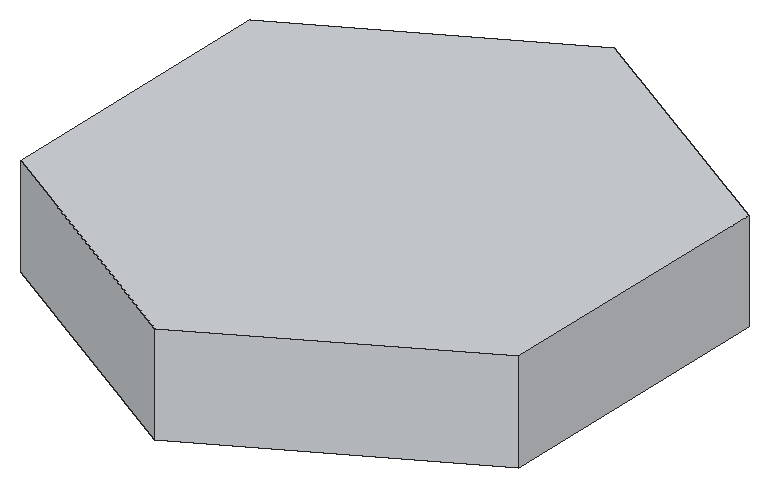
Revit family "BuzziBlox_Revit", category Generic Models, host Face, Revit 2019
Family settings
  Host = Face
  Can host rebar = No
  Round Connector Dimension = Use Diameter
  Part Type = Normal
  Cut with Voids When Loaded = No
  Shared = No
  Room Calculation Point = No
Parameters
  d = 12 cm
  Distance from supporting structure [instance] = 1 cm
  Default Elevation = 121.92 cm
  BuzziTerra = none
  BuzziRough = none
  BuzziFabric = none
  BuzziBlox Shape = BuzziBlox Hexa : BuzziBlox Hexa
Reference planes (cm)
  plane 1 "Center (Front/Back)": y = 0
  plane 2: z = 0
  plane 3 "Center (Left/Right)": x = 0
  plane 4: z = 70
  plane 5: z = 44
Dimensions and locks (cm)
  aligned and locked: plane 2 to host face
  aligned and locked: level to host face
Nested families (cm)
  nested 1: "BuzziBlox Hexa" at (0, 0, 0), type <- "BuzziBlox Shape", type "BuzziBlox Hexa"
Definition of nested family "BuzziBlox Hexa"
  Parameters
    Distance from supporting structure = 1 cm
    d = 12 cm
    Penta material = none
    Default Elevation = 121.92 cm
  Reference planes (cm)
    plane 1 "Center (Front/Back)": y = 0
    plane 2: z = 0
    plane 3 "Center (Left/Right)": x = 0
    plane 4: z = 13
    plane 5: z = 1
  Forms (cm)
    Extrusion 1, solid
      sketch origin (0, 0, 0) x (1, 0, 0) y (0, 1, 0)
        loop
          line (-121.92, 121.92) -> (-121.92, -121.92) -> (121.92, -121.92) -> (121.92, 121.92) -> (-121.92, 121.92)
      from 0 to -30.48
    Extrusion 2, solid, material <- "Penta material"
      sketch origin (0, 0, 0) x (1, 0, 0) y (0, 1, 0)
        loop
          line (30, -17.3) -> (30, 17.3) -> (0, 34.5383) -> (-30, 17.3) -> (-30, -17.3) -> (0, -34.5383) -> (30, -17.3)
      from 1 to 13
    Extrusion 3, solid
      sketch origin (0, 0, 0) x (1, 0, 0) y (0, 1, 0)
        loop
          circle (-17.0446, 14.6869) r 0.5
        loop
          circle (17.0446, 0) r 0.5
        loop
          circle (-17.0446, -14.6869) r 0.5
      from 0 to 1
  Dimensions and locks (cm)
    "d": plane 4 to plane 5
    "Distance from supporting structure": plane 5 to level
    Extrusion 2 sketch curve to Extrusion 2 sketch curve = 60 cm
    equal spacing: Extrusion 2 sketch curve, plane 3 "Center (Left/Right)", Extrusion 2 sketch curve
    equal spacing: Extrusion 2 sketch curve, plane 1 "Center (Front/Back)", Extrusion 2 sketch curve
    aligned and locked: plane 2 to Extrusion 1
    aligned and locked: level to Extrusion 1
    aligned and locked: plane 4 to Extrusion 2
    aligned and locked: Extrusion 2 to plane 5
    aligned and locked: plane 5 to Extrusion 3
    aligned and locked: Extrusion 3 to level
  Automatic sketch dimensions
    Extrusion 1 sketch curve to Extrusion 1 sketch curve = 243.84 cm  (x2)
    Extrusion 2 sketch curve to plane 3 "Center (Left/Right)" = 0 cm  (x2)
    plane 1 "Center (Front/Back)" to Extrusion 2 sketch curve = 17.3 cm  (x2)
    Extrusion 2 sketch curve to plane 1 "Center (Front/Back)" = 17.3 cm  (x2)
    plane 1 "Center (Front/Back)" to Extrusion 2 sketch curve = 34.5383 cm
    Extrusion 3 sketch curve to plane 3 "Center (Left/Right)" = 17.0446 cm  (x2)
    plane 3 "Center (Left/Right)" to Extrusion 3 sketch curve = 17.0446 cm
    plane 1 "Center (Front/Back)" to Extrusion 3 sketch curve = 14.6869 cm
    Extrusion 3 sketch curve to plane 1 "Center (Front/Back)" = 0 cm
    Extrusion 3 sketch curve to plane 1 "Center (Front/Back)" = 14.6869 cm
    radius of Extrusion 3 sketch curve = 0.5 cm  (x3)
